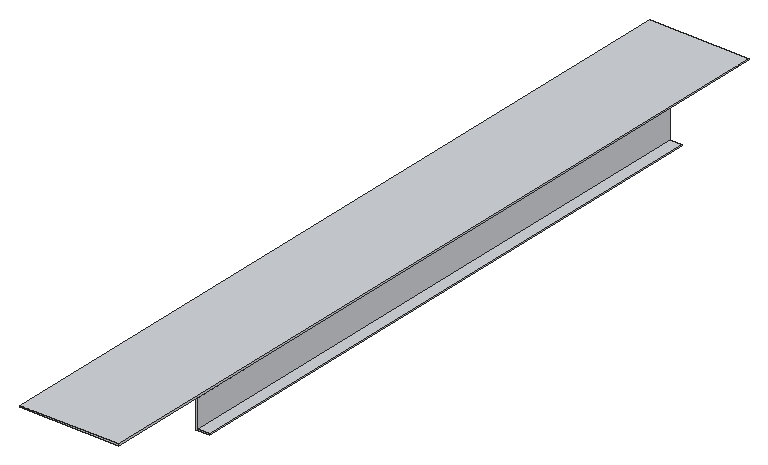
Revit family "Support Framing System (Blanket Insulation) (Lower End Support Channel)", category Mechanical Equipment, Revit 2015
Parameters
  Width = 0' - 6"
  URL = "https://unitedenertech.com/catalog/pdf/Support%20Framing%20System%20-%20Ins.pdf"
  Type Comments = "Consult Factory for Max. Sizes"
  Model = "Support Framing System (Blanket Insulation) (Lower End Support Channel)"
  Manufacturer = "Untied Enertech Corporation"
  Length = 4' - 0"
  Description = "Support Framing System for Insulated Blanket Roof"
Reference planes (in)
  plane 1 "Center (Front/Back)": y = 0
  plane 2: z = 0
  plane 3 "Center (Left/Right)": x = 0
  plane 4: x = -3
  plane 5: x = 3
  plane 6: x = -3.75
  plane 7: x = 3.75
  plane 8: z = 0.0747
  plane 9: x = -2.9253
  plane 10: x = 2.9253
  plane 11: y = 24
  plane 12: y = -24
  plane 13: y = -18
  plane 14: y = 18
  plane 15: z = 1.875
  plane 16: z = 1.8003
Forms (in)
  Extrusion 1, solid
    sketch origin (0, 0, 0) x (1, 0, 0) y (0, 0, 1)
      loop
        line (-3, 1.875) -> (-3, 1.8003) -> (3, 1.8003) -> (3, 1.875) -> (-3, 1.875)
    from -24 to 24
  Extrusion 2, solid
    sketch origin (0, 0, 0) x (1, 0, 0) y (0, 0, 1)
      loop
        line (-3.75, 0) -> (-2.9253, 0) -> (-2.9253, 1.8003) -> (-3, 1.8003) -> (-3, 0.0747) -> (-3.75, 0.0747) -> (-3.75, 0)
    from -18 to 18
  Extrusion 3, solid
    sketch origin (0, 0, 0) x (1, 0, 0) y (0, 0, 1)
      loop
        line (2.9253, 1.8003) -> (2.9253, 0) -> (3.75, 0) -> (3.75, 0.0747) -> (3, 0.0747) -> (3, 1.8003) -> (2.9253, 1.8003)
    from -18 to 18
Dimensions and locks (in)
  equal spacing: plane 5, plane 3 "Center (Left/Right)", plane 4
  "Width": plane 5 to plane 4
  locked: plane 6 to plane 4 at 0.75
  locked: plane 7 to plane 5 at 0.75
  locked: plane 8 to level at 0.0747
  locked: plane 4 to plane 9 at 0.0747
  locked: plane 5 to plane 10 at 0.0747
  equal spacing: plane 11, plane 1 "Center (Front/Back)", plane 12
  "Length": plane 11 to plane 12
  locked: plane 13 to plane 12 at 6
  locked: plane 11 to plane 14 at 6
  locked: plane 15 to level at 1.875
  locked: plane 15 to plane 16 at 0.0747
  aligned and locked: level to plane 2
  aligned and locked: plane 4 to Extrusion 1 sketch curve
  aligned and locked: Extrusion 1 sketch curve to plane 5
  aligned and locked: plane 11 to Extrusion 1
  aligned and locked: Extrusion 1 to plane 12
  aligned and locked: Extrusion 2 sketch curve to plane 4
  aligned and locked: Extrusion 2 sketch curve to plane 9
  aligned and locked: plane 8 to Extrusion 2 sketch curve
  aligned and locked: plane 6 to Extrusion 2 sketch curve
  aligned and locked: Extrusion 2 sketch curve to level
  aligned and locked: plane 14 to Extrusion 2
  aligned and locked: Extrusion 2 to plane 13
  aligned and locked: plane 5 to Extrusion 3 sketch curve
  aligned and locked: Extrusion 3 sketch curve to plane 10
  aligned and locked: Extrusion 3 sketch curve to level
  aligned and locked: plane 7 to Extrusion 3 sketch curve
  aligned and locked: plane 8 to Extrusion 3 sketch curve
  aligned and locked: plane 14 to Extrusion 3
  aligned and locked: Extrusion 3 to plane 13
  aligned and locked: plane 16 to Extrusion 1 sketch curve
  aligned and locked: Extrusion 1 sketch curve to plane 15
  aligned and locked: plane 16 to Extrusion 2 sketch curve
  aligned and locked: plane 16 to Extrusion 3 sketch curve
